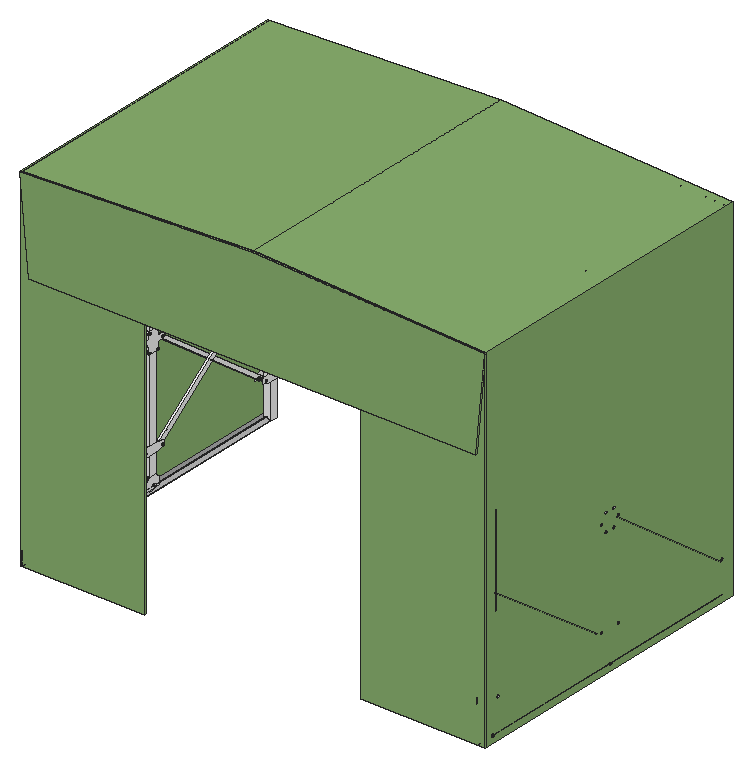
Revit family "Loading Docks_Shelter_Ultigroup_Rollout Container - PVC 3000 mm", category Generic Models, Revit 2020 (continued)
Definition of nested family "Upper Mid Connector"
  Dimensions and locks
    equal spacing: plane 6, plane 1 "Center (Front/Back)", plane 7
    locked: plane 8 to plane 6 at 20
    locked: plane 7 to plane 9 at 20
    locked: plane 11 to plane 10 at 200
    equal spacing: plane 11, plane 12, plane 10
    locked: plane 9 to plane 13 at 45
    locked: plane 14 to plane 8 at 45
    locked: plane 11 to plane 15 at 15
    locked: plane 16 to plane 10 at 15
    equal spacing: plane 8, plane 18, plane 6
    equal spacing: plane 7, plane 17, plane 9
    aligned and locked: level to plane 2
    aligned and locked: plane 8 to Extrusion 1 sketch curve
    aligned and locked: plane 11 to Extrusion 1 sketch curve
    aligned and locked: plane 9 to Extrusion 1 sketch curve
    aligned and locked: plane 10 to Extrusion 1 sketch curve
    aligned and locked: plane 14 to Extrusion 1 sketch curve
    aligned and locked: plane 12 to Extrusion 1 sketch curve
    aligned and locked: plane 8 to Extrusion 2 sketch curve
    aligned and locked: plane 9 to Extrusion 2 sketch curve
    aligned and locked: plane 11 to Extrusion 2 sketch curve
    aligned and locked: plane 10 to Extrusion 2 sketch curve
    aligned and locked: plane 12 to Extrusion 2 sketch curve  (x2)
    aligned and locked: plane 14 to Extrusion 2 sketch curve
    aligned and locked: plane 13 to Extrusion 2 sketch curve
    aligned and locked: plane 15 to Extrusion 3 sketch curve  (x2)
    aligned and locked: plane 18 to Extrusion 3 sketch curve  (x2)
    aligned and locked: plane 17 to Extrusion 3 sketch curve  (x2)
    aligned and locked: plane 12 to Extrusion 3 sketch curve  (x2)
    aligned and locked: plane 14 to Extrusion 3 sketch curve
    aligned and locked: plane 13 to Extrusion 3 sketch curve
    aligned and locked: cut or joined group of Extrusion 1, Extrusion 3 to Extrusion 3
    aligned and locked: Extrusion 2 to Extrusion 3
    aligned and locked: plane 15 to Extrusion 4 sketch curve  (x2)
    aligned and locked: plane 12 to Extrusion 4 sketch curve  (x2)
    aligned and locked: plane 16 to Extrusion 4 sketch curve  (x2)
    aligned and locked: plane 18 to Extrusion 4 sketch curve  (x2)
    aligned and locked: plane 17 to Extrusion 4 sketch curve  (x2)
    aligned and locked: plane 13 to Extrusion 4 sketch curve
    aligned and locked: plane 14 to Extrusion 4 sketch curve
    aligned and locked: plane 15 to Extrusion 5 sketch curve  (x4)
    aligned and locked: plane 12 to Extrusion 5 sketch curve  (x4)
    aligned and locked: plane 16 to Extrusion 5 sketch curve  (x4)
    aligned and locked: plane 18 to Extrusion 5 sketch curve  (x4)
    aligned and locked: plane 17 to Extrusion 5 sketch curve  (x4)
    aligned and locked: plane 13 to Extrusion 5 sketch curve  (x2)
    aligned and locked: plane 14 to Extrusion 5 sketch curve  (x2)
    aligned and locked: plane 5 to Extrusion 5
    aligned and locked: Extrusion 5 to plane 4
    aligned and locked: plane 16 to Extrusion 6 sketch curve  (x2)
    aligned and locked: plane 12 to Extrusion 6 sketch curve  (x2)
    aligned and locked: plane 15 to Extrusion 6 sketch curve  (x2)
    aligned and locked: plane 17 to Extrusion 6 sketch curve  (x2)
    aligned and locked: plane 18 to Extrusion 6 sketch curve  (x2)
    aligned and locked: plane 13 to Extrusion 6 sketch curve
    aligned and locked: plane 14 to Extrusion 6 sketch curve
    aligned and locked: plane 12 to Extrusion 7 sketch curve  (x2)
    aligned and locked: plane 14 to Extrusion 7 sketch curve
    aligned and locked: plane 13 to Extrusion 7 sketch curve
    aligned and locked: plane 17 to Extrusion 7 sketch curve  (x2)
    aligned and locked: plane 18 to Extrusion 7 sketch curve  (x2)
    aligned and locked: plane 16 to Extrusion 7 sketch curve  (x2)
    aligned and locked: plane 15 to Extrusion 7 sketch curve  (x2)
  Automatic sketch dimensions
    Extrusion 2 to Extrusion 3 sketch curve = 15 mm  (x2)
    Extrusion 2 sketch curve to plane 9 = 0 mm
    Extrusion 2 sketch curve to plane 8 = 0 mm
    Extrusion 2 sketch curve to Extrusion 2 sketch curve = 6 mm  (x2)
    Extrusion 2 sketch curve to plane 9 = 6 mm
    Extrusion 2 sketch curve to plane 17 = 4 mm  (x2)
    Extrusion 2 sketch curve to plane 18 = 4 mm  (x2)
    plane 8 to Extrusion 2 sketch curve = 6 mm
    Extrusion 2 sketch curve to plane 12 = 31 mm  (x2)
    Extrusion 1 sketch curve to plane 12 = 0 mm
    Extrusion 1 sketch curve to plane 13 = 0 mm
    Extrusion 1 sketch curve to plane 9 = 0 mm  (x2)
    Extrusion 1 sketch curve to plane 8 = 0 mm
    Extrusion 1 sketch curve to plane 9 = 6 mm  (x2)
    Extrusion 1 sketch curve to plane 17 = 4 mm  (x2)
    Extrusion 1 sketch curve to plane 18 = 4 mm  (x2)
    Extrusion 1 sketch curve to Extrusion 1 sketch curve = 6 mm  (x2)
    Extrusion 1 sketch curve to plane 12 = 31 mm  (x2)
    Extrusion 6 sketch curve to Extrusion 1 = 1 mm
    Extrusion 6 sketch curve to Extrusion 1 = 5.5 mm  (x2)
    Extrusion 6 sketch curve to Extrusion 6 sketch curve = 4.5 mm  (x3)
    Extrusion 6 sketch curve to Extrusion 6 sketch curve = 7.794 mm  (x3)
    Extrusion 6 sketch curve to Extrusion 1 = 7.206 mm
    radius of Extrusion 3 sketch curve = 6 mm  (x6)
    radius of Extrusion 4 sketch curve = 6 mm  (x6)
    radius of Extrusion 5 sketch curve = 6 mm  (x6)
    radius of Extrusion 5 sketch curve = 10 mm  (x6)
    radius of Extrusion 6 sketch curve = 6 mm  (x6)
    radius of Extrusion 7 sketch curve = 6 mm  (x6)
Definition of nested family "Lower Mid Connector"
  Parameters (values of type "Type 1")
    URL = "www.ultigroup.co.nz"
    PVC Roller = none
    Model = "Ulti Expandable Rollout Dock Shelter Lower Mid Connector"
    Manufacturer = "Ulti Group Ltd."
    Description = "Expandable Rollout Dock Shelter Lower Mid Connector"
    Default Elevation = 0 mm
    Bolts = none
    Aluminium = none
  Reference planes
    plane 1 "Center (Front/Back)": y = 0
    plane 2: z = 0
    plane 3 "Center (Left/Right)": x = 0
    plane 4: x = -37.5
    plane 5: x = 37.5
    plane 6: y = 37.5
    plane 7: y = -37.5
    plane 8: y = 57.5
    plane 9: y = -57.5
    plane 10: z = 586.595
    plane 11: y = -102.5
    plane 12: y = 102.5
    plane 13: y = 127.5
    plane 14: y = -127.5
    plane 15: z = 626.595
    plane 16: z = 546.595
  Forms (mm)
    Extrusion 1, solid, material <- "Aluminium"
      sketch origin (37.5, 195.577, 1200) x (0, 1, 0) y (0, 0, 1)
        loop
          line (-139.137, -573.405) -> (-252.018, -573.405)
          arc (-252.018, -573.405) -> (-253.071, -573.46) -> (-254.113, -573.627) r 10
          line (-254.113, -573.627) -> (-315.173, -586.711)
          arc (-315.173, -586.711) -> (-320.854, -590.202) -> (-323.077, -596.489) r 10
          line (-323.077, -596.489) -> (-323.077, -630.321)
          arc (-323.077, -630.321) -> (-320.854, -636.607) -> (-315.173, -640.099) r 10
          line (-315.173, -640.099) -> (-254.113, -653.183)
          arc (-254.113, -653.183) -> (-253.071, -653.349) -> (-252.018, -653.405) r 10
          line (-252.018, -653.405) -> (-139.137, -653.405)
          arc (-139.137, -653.405) -> (-138.083, -653.349) -> (-137.041, -653.183) r 10
          line (-137.041, -653.183) -> (-75.982, -640.099)
          arc (-75.982, -640.099) -> (-70.301, -636.607) -> (-68.077, -630.321) r 10
          line (-68.077, -630.321) -> (-68.077, -596.489)
          arc (-68.077, -596.489) -> (-70.301, -590.202) -> (-75.982, -586.711) r 10
          line (-75.982, -586.711) -> (-137.041, -573.627)
          arc (-137.041, -573.627) -> (-138.083, -573.46) -> (-139.137, -573.405) r 10
        loop
          circle (-298.077, -613.405) r 6
        loop
          circle (-93.077, -613.405) r 6
      from 0 to 3
    Extrusion 2, solid, material <- "Aluminium"
      sketch origin (-37.5, 195.577, 1200) x (0, 1, 0) y (0, 0, 1)
        loop
          line (-68.077, -630.321) -> (-68.077, -596.489)
          arc (-68.077, -596.489) -> (-70.301, -590.202) -> (-75.982, -586.711) r 10
          line (-75.982, -586.711) -> (-137.041, -573.627)
          arc (-137.041, -573.627) -> (-138.083, -573.46) -> (-139.137, -573.405) r 10
          line (-139.137, -573.405) -> (-252.018, -573.405)
          arc (-252.018, -573.405) -> (-253.071, -573.46) -> (-254.113, -573.627) r 10
          line (-254.113, -573.627) -> (-315.173, -586.711)
          arc (-315.173, -586.711) -> (-320.854, -590.202) -> (-323.077, -596.489) r 10
          line (-323.077, -596.489) -> (-323.077, -630.321)
          arc (-323.077, -630.321) -> (-320.854, -636.607) -> (-315.173, -640.099) r 10
          line (-315.173, -640.099) -> (-254.113, -653.183)
          arc (-254.113, -653.183) -> (-253.071, -653.349) -> (-252.018, -653.405) r 10
          line (-252.018, -653.405) -> (-139.137, -653.405)
          arc (-139.137, -653.405) -> (-138.083, -653.349) -> (-137.041, -653.183) r 10
          line (-137.041, -653.183) -> (-75.982, -640.099)
          arc (-75.982, -640.099) -> (-70.301, -636.607) -> (-68.077, -630.321) r 10
        loop
          circle (-298.077, -613.405) r 6
        loop
          circle (-93.077, -613.405) r 6
      from -3 to 0
    Extrusion 3, void
      sketch origin (-40.5, 195.577, 1200) x (0, 1, 0) y (0, 0, 1)
        loop
          circle (-298.077, -613.405) r 6
        loop
          circle (-93.077, -613.405) r 6
      from 0 to 81
    Extrusion 4, solid, material <- "Bolts"
      sketch origin (0, 0, 0) x (0, 1, 0) y (0, 0, 1)
        loop
          circle (102.5, 586.595) r 6
        loop
          circle (-102.5, 586.595) r 6
      from -52 to 52
    Extrusion 5, solid, material <- "PVC Roller"
      sketch origin (-37.5, 195.577, 1200) x (0, 1, 0) y (0, 0, 1)
        loop
          circle (-93.077, -613.405) r 6
        loop
          circle (-298.077, -613.405) r 6
        loop
          circle (-298.077, -613.405) r 10
        loop
          circle (-93.077, -613.405) r 10
      from 0 to 75
    Extrusion 6, solid, material <- "Bolts"
      sketch origin (40.5, 195.577, 1200) x (0, 1, 0) y (0, 0, 1)
        loop
          circle (-93.077, -613.405) r 6
        loop
          circle (-298.077, -613.405) r 6
        loop
          line (-307.077, -613.405) -> (-302.577, -621.199) -> (-293.577, -621.199) -> (-289.077, -613.405) -> (-293.577, -605.611) -> (-302.577, -605.611) -> (-307.077, -613.405)
        loop
          line (-102.077, -613.405) -> (-97.577, -621.199) -> (-88.577, -621.199) -> (-84.077, -613.405) -> (-88.577, -605.611) -> (-97.577, -605.611) -> (-102.077, -613.405)
      from 0 to 10
    Extrusion 7, solid, material <- "Bolts"
      sketch origin (-40.5, 195.577, 1200) x (0, -1, 0) y (0, 0, 1)
        loop
          circle (93.077, -613.405) r 6
        loop
          circle (298.077, -613.405) r 6
        loop
          line (307.077, -613.405) -> (302.577, -605.611) -> (293.577, -605.611) -> (289.077, -613.405) -> (293.577, -621.199) -> (302.577, -621.199) -> (307.077, -613.405)
        loop
          line (102.077, -613.405) -> (97.577, -605.611) -> (88.577, -605.611) -> (84.077, -613.405) -> (88.577, -621.199) -> (97.577, -621.199) -> (102.077, -613.405)
      from 0 to 10
  Cuts and joins
    Extrusion 3 cuts Extrusion 2
    Extrusion 3 cuts Extrusion 1
  Dimensions and locks
    locked: plane 4 to plane 5 at 75
    equal spacing: plane 4, plane 3 "Center (Left/Right)", plane 5
    locked: plane 6 to plane 7 at 75
    equal spacing: plane 6, plane 1 "Center (Front/Back)", plane 7
    locked: plane 8 to plane 6 at 20
    locked: plane 7 to plane 9 at 20
    locked: plane 9 to plane 11 at 45
    locked: plane 12 to plane 8 at 45
    locked: plane 13 to plane 12 at 25
    locked: plane 11 to plane 14 at 25
    locked: plane 15 to plane 16 at 80
    equal spacing: plane 15, plane 10, plane 16
    aligned and locked: level to plane 2
    aligned and locked: plane 10 to Extrusion 3 sketch curve  (x2)
    aligned and locked: plane 12 to Extrusion 3 sketch curve
    aligned and locked: plane 11 to Extrusion 3 sketch curve
    aligned and locked: cut or joined group of Extrusion 1, Extrusion 3 to Extrusion 3
    aligned and locked: Extrusion 2 to Extrusion 3
    aligned and locked: plane 10 to Extrusion 4 sketch curve  (x2)
    aligned and locked: plane 11 to Extrusion 4 sketch curve
    aligned and locked: plane 12 to Extrusion 4 sketch curve
    aligned and locked: plane 10 to Extrusion 5 sketch curve  (x4)
    aligned and locked: plane 11 to Extrusion 5 sketch curve  (x2)
    aligned and locked: plane 12 to Extrusion 5 sketch curve  (x2)
    aligned and locked: plane 5 to Extrusion 5
    aligned and locked: Extrusion 5 to plane 4
    aligned and locked: plane 10 to Extrusion 6 sketch curve  (x2)
    aligned and locked: plane 11 to Extrusion 6 sketch curve
    aligned and locked: plane 12 to Extrusion 6 sketch curve
    aligned and locked: plane 10 to Extrusion 7 sketch curve  (x2)
    aligned and locked: plane 12 to Extrusion 7 sketch curve
    aligned and locked: plane 11 to Extrusion 7 sketch curve
    aligned and locked: plane 13 to Extrusion 2 sketch curve
    aligned and locked: plane 15 to Extrusion 2 sketch curve
    aligned and locked: plane 14 to Extrusion 2 sketch curve
    aligned and locked: plane 16 to Extrusion 2 sketch curve
    aligned and locked: plane 10 to Extrusion 2 sketch curve  (x2)
    aligned and locked: plane 11 to Extrusion 2 sketch curve
    aligned and locked: plane 12 to Extrusion 2 sketch curve
    aligned and locked: plane 15 to Extrusion 1 sketch curve
    aligned and locked: plane 13 to Extrusion 1 sketch curve
    aligned and locked: plane 14 to Extrusion 1 sketch curve
    aligned and locked: plane 16 to Extrusion 1 sketch curve
    aligned and locked: plane 10 to Extrusion 1 sketch curve  (x2)
    aligned and locked: plane 11 to Extrusion 1 sketch curve
    aligned and locked: plane 12 to Extrusion 1 sketch curve
  Automatic sketch dimensions
    Extrusion 6 sketch curve to Extrusion 6 sketch curve = 4.5 mm  (x7)
    Extrusion 6 sketch curve to Extrusion 6 sketch curve = 9 mm  (x5)
    Extrusion 6 sketch curve to Extrusion 6 sketch curve = 7.794 mm  (x4)
    Extrusion 7 sketch curve to Extrusion 7 sketch curve = 4.5 mm  (x9)
    Extrusion 7 sketch curve to Extrusion 7 sketch curve = 9 mm  (x3)
    Extrusion 7 sketch curve to Extrusion 7 sketch curve = 7.794 mm  (x6)
    plane 14 to Extrusion 2 sketch curve = 7.905 mm  (x2)
    Extrusion 2 sketch curve to Extrusion 2 sketch curve = 2.095 mm  (x3)
    plane 14 to Extrusion 2 sketch curve = 10 mm
    Extrusion 2 sketch curve to plane 15 = 0.222 mm  (x2)
    Extrusion 2 sketch curve to plane 9 = 1.036 mm  (x2)
    plane 16 to Extrusion 2 sketch curve = 0.222 mm  (x2)
    plane 9 to Extrusion 2 sketch curve = 1.059 mm  (x2)
    Extrusion 2 sketch curve to plane 8 = 1.059 mm  (x2)
    Extrusion 2 sketch curve to Extrusion 2 sketch curve = 10 mm  (x2)
    Extrusion 2 sketch curve to plane 13 = 7.905 mm  (x2)
    plane 16 to Extrusion 2 sketch curve = 13.306 mm  (x2)
    plane 10 to Extrusion 2 sketch curve = 16.916 mm  (x2)
    Extrusion 7 sketch curve to Extrusion 7 sketch curve = 0 mm  (x2)
    plane 14 to Extrusion 1 sketch curve = 7.905 mm  (x2)
    Extrusion 1 sketch curve to Extrusion 1 sketch curve = 10 mm  (x2)
    plane 16 to Extrusion 1 sketch curve = 0.222 mm  (x2)
    Extrusion 1 sketch curve to plane 9 = 1.036 mm  (x2)
    Extrusion 1 sketch curve to plane 15 = 0.222 mm  (x2)
    plane 9 to Extrusion 1 sketch curve = 1.059 mm  (x2)
    Extrusion 1 sketch curve to plane 8 = 1.059 mm  (x2)
    Extrusion 1 sketch curve to Extrusion 1 sketch curve = 2.095 mm  (x2)
    Extrusion 1 sketch curve to plane 13 = 10 mm  (x2)
    Extrusion 1 sketch curve to plane 13 = 7.905 mm  (x2)
    plane 16 to Extrusion 1 sketch curve = 13.306 mm  (x2)
    plane 10 to Extrusion 1 sketch curve = 16.916 mm  (x2)
    Extrusion 6 sketch curve to Extrusion 6 sketch curve = 0 mm  (x4)
    radius of Extrusion 3 sketch curve = 6 mm  (x2)
    radius of Extrusion 4 sketch curve = 6 mm  (x2)
    radius of Extrusion 5 sketch curve = 6 mm  (x2)
    radius of Extrusion 5 sketch curve = 10 mm  (x2)
    radius of Extrusion 6 sketch curve = 6 mm  (x2)
    radius of Extrusion 7 sketch curve = 6 mm  (x2)
    radius of Extrusion 2 sketch curve = 6 mm  (x2)
    radius of Extrusion 1 sketch curve = 6 mm  (x2)
Definition of nested family "Lower End Connector"
  Parameters (values of type "Type 1")
    URL = "www.ultigroup.co.nz"
    PVC Roller = none
    Model = "Ulti Expandable Rollout Dock Shelter Lower End Connector"
    Manufacturer = "Ulti Group Ltd."
    Description = "Expandable Rollout Dock Shelter Lower End Connector"
    Default Elevation = 0 mm
    Bolts = none
    Aluminium = none
  Reference planes
    plane 1 "Center (Front/Back)": y = 0
    plane 2: z = 0
    plane 3 "Center (Left/Right)": x = 0
    plane 4: x = -37.5
    plane 5: x = 37.5
    plane 6: y = 37.5
    plane 7: y = -37.5
    plane 8: y = -57.5
    plane 9: z = 586.595
    plane 10: y = -102.5
    plane 11: y = -127.5
    plane 12: z = 626.595
    plane 13: z = 546.595
  Forms (mm)
    Extrusion 1, solid, material <- "Aluminium"
      sketch origin (37.5, 195.577, 1200) x (0, 1, 0) y (0, 0, 1)
        loop
          line (-168.077, -573.405) -> (-252.018, -573.405)
          arc (-252.018, -573.405) -> (-253.071, -573.46) -> (-254.113, -573.627) r 10
          line (-254.113, -573.627) -> (-315.173, -586.711)
          arc (-315.173, -586.711) -> (-320.854, -590.202) -> (-323.077, -596.489) r 10
          line (-323.077, -596.489) -> (-323.077, -630.321)
          arc (-323.077, -630.321) -> (-320.854, -636.607) -> (-315.173, -640.099) r 10
          line (-315.173, -640.099) -> (-254.113, -653.183)
          arc (-254.113, -653.183) -> (-253.071, -653.349) -> (-252.018, -653.405) r 10
          line (-252.018, -653.405) -> (-168.077, -653.405)
          arc (-168.077, -653.405) -> (-161.006, -650.476) -> (-158.077, -643.405) r 10
          line (-158.077, -643.405) -> (-158.077, -583.405)
          arc (-158.077, -583.405) -> (-161.006, -576.334) -> (-168.077, -573.405) r 10
        loop
          circle (-298.077, -613.405) r 6
      from 0 to 3
    Extrusion 2, solid, material <- "Aluminium"
      sketch origin (-37.5, 195.577, 1200) x (0, 1, 0) y (0, 0, 1)
        loop
          line (-168.077, -573.405) -> (-252.018, -573.405)
          arc (-252.018, -573.405) -> (-253.071, -573.46) -> (-254.113, -573.627) r 10
          line (-254.113, -573.627) -> (-315.173, -586.711)
          arc (-315.173, -586.711) -> (-320.854, -590.202) -> (-323.077, -596.489) r 10
          line (-323.077, -596.489) -> (-323.077, -630.321)
          arc (-323.077, -630.321) -> (-320.854, -636.607) -> (-315.173, -640.099) r 10
          line (-315.173, -640.099) -> (-254.113, -653.183)
          arc (-254.113, -653.183) -> (-253.071, -653.349) -> (-252.018, -653.405) r 10
          line (-252.018, -653.405) -> (-168.077, -653.405)
          arc (-168.077, -653.405) -> (-161.006, -650.476) -> (-158.077, -643.405) r 10
          line (-158.077, -643.405) -> (-158.077, -583.405)
          arc (-158.077, -583.405) -> (-161.006, -576.334) -> (-168.077, -573.405) r 10
        loop
          circle (-298.077, -613.405) r 6
      from -3 to 0
    Extrusion 3, void
      sketch origin (-40.5, 195.577, 1200) x (0, 1, 0) y (0, 0, 1)
        loop
          circle (-298.077, -613.405) r 6
      from 0 to 81
    Extrusion 4, solid, material <- "Bolts"
      sketch origin (0, 0, 0) x (0, 1, 0) y (0, 0, 1)
        loop
          circle (-102.5, 586.595) r 6
      from -52 to 52
    Extrusion 5, solid, material <- "PVC Roller"
      sketch origin (-37.5, 195.577, 1200) x (0, 1, 0) y (0, 0, 1)
        loop
          circle (-298.077, -613.405) r 6
        loop
          circle (-298.077, -613.405) r 10
      from 0 to 75
    Extrusion 6, solid, material <- "Bolts"
      sketch origin (40.5, 195.577, 1200) x (0, 1, 0) y (0, 0, 1)
        loop
          circle (-298.077, -613.405) r 6
        loop
          line (-307.077, -613.405) -> (-302.577, -621.199) -> (-293.577, -621.199) -> (-289.077, -613.405) -> (-293.577, -605.611) -> (-302.577, -605.611) -> (-307.077, -613.405)
      from 0 to 10
    Extrusion 7, solid, material <- "Bolts"
      sketch origin (-40.5, 195.577, 1200) x (0, -1, 0) y (0, 0, 1)
        loop
          circle (298.077, -613.405) r 6
        loop
          line (307.077, -613.405) -> (302.577, -605.611) -> (293.577, -605.611) -> (289.077, -613.405) -> (293.577, -621.199) -> (302.577, -621.199) -> (307.077, -613.405)
      from 0 to 10
  Cuts and joins
    Extrusion 3 cuts Extrusion 2
    Extrusion 3 cuts Extrusion 1
  Dimensions and locks
    locked: plane 4 to plane 5 at 75
    equal spacing: plane 4, plane 3 "Center (Left/Right)", plane 5
    locked: plane 6 to plane 7 at 75
    equal spacing: plane 6, plane 1 "Center (Front/Back)", plane 7
    locked: plane 7 to plane 8 at 20
    locked: plane 8 to plane 10 at 45
    locked: plane 10 to plane 11 at 25
    locked: plane 12 to plane 13 at 80
    equal spacing: plane 12, plane 9, plane 13
    aligned and locked: level to plane 2
    aligned and locked: plane 9 to Extrusion 3 sketch curve
    aligned and locked: plane 10 to Extrusion 3 sketch curve
    aligned and locked: cut or joined group of Extrusion 1, Extrusion 3 to Extrusion 3
    aligned and locked: Extrusion 2 to Extrusion 3
    aligned and locked: plane 9 to Extrusion 4 sketch curve
    aligned and locked: plane 10 to Extrusion 4 sketch curve
    aligned and locked: plane 9 to Extrusion 5 sketch curve  (x2)
    aligned and locked: plane 10 to Extrusion 5 sketch curve  (x2)
    aligned and locked: plane 5 to Extrusion 5
    aligned and locked: Extrusion 5 to plane 4
    aligned and locked: plane 9 to Extrusion 6 sketch curve
    aligned and locked: plane 10 to Extrusion 6 sketch curve
    aligned and locked: plane 9 to Extrusion 7 sketch curve
    aligned and locked: plane 10 to Extrusion 7 sketch curve
    aligned and locked: plane 12 to Extrusion 2 sketch curve
    aligned and locked: plane 11 to Extrusion 2 sketch curve
    aligned and locked: plane 13 to Extrusion 2 sketch curve
    aligned and locked: plane 9 to Extrusion 2 sketch curve
    aligned and locked: plane 10 to Extrusion 2 sketch curve
    aligned and locked: plane 12 to Extrusion 1 sketch curve
    aligned and locked: plane 11 to Extrusion 1 sketch curve
    aligned and locked: plane 13 to Extrusion 1 sketch curve
    aligned and locked: plane 9 to Extrusion 1 sketch curve
    aligned and locked: plane 10 to Extrusion 1 sketch curve
    aligned and locked: plane 6 to Extrusion 2 sketch curve
    aligned and locked: plane 6 to Extrusion 1 sketch curve
  Automatic sketch dimensions
    Extrusion 6 sketch curve to Extrusion 6 sketch curve = 4.5 mm  (x3)
    Extrusion 6 sketch curve to Extrusion 6 sketch curve = 9 mm  (x3)
    Extrusion 6 sketch curve to Extrusion 6 sketch curve = 7.794 mm  (x2)
    Extrusion 7 sketch curve to Extrusion 7 sketch curve = 9 mm  (x2)
    Extrusion 7 sketch curve to Extrusion 7 sketch curve = 4.5 mm  (x4)
    Extrusion 7 sketch curve to Extrusion 7 sketch curve = 7.794 mm  (x2)
    Extrusion 7 sketch curve to Extrusion 7 sketch curve = 0 mm  (x2)
    Extrusion 6 sketch curve to Extrusion 6 sketch curve = 0 mm  (x2)
    plane 11 to Extrusion 2 sketch curve = 7.905 mm  (x2)
    Extrusion 2 sketch curve to Extrusion 2 sketch curve = 2.095 mm  (x3)
    plane 11 to Extrusion 2 sketch curve = 10 mm
    Extrusion 2 sketch curve to plane 12 = 0.222 mm
    Extrusion 2 sketch curve to plane 8 = 1.036 mm  (x2)
    plane 13 to Extrusion 2 sketch curve = 0.222 mm
    Extrusion 2 sketch curve to plane 6 = 10 mm  (x2)
    plane 13 to Extrusion 2 sketch curve = 13.306 mm
    plane 9 to Extrusion 2 sketch curve = 16.916 mm
    plane 11 to Extrusion 1 sketch curve = 7.905 mm  (x2)
    Extrusion 1 sketch curve to Extrusion 1 sketch curve = 2.095 mm  (x3)
    plane 13 to Extrusion 1 sketch curve = 0.222 mm
    Extrusion 1 sketch curve to plane 8 = 1.036 mm  (x2)
    Extrusion 1 sketch curve to plane 12 = 0.222 mm
    plane 8 to Extrusion 1 sketch curve = 1.059 mm
    Extrusion 1 sketch curve to plane 6 = 10 mm  (x2)
    plane 13 to Extrusion 1 sketch curve = 13.306 mm
    plane 9 to Extrusion 1 sketch curve = 16.916 mm
    radius of Extrusion 3 sketch curve = 6 mm
    radius of Extrusion 4 sketch curve = 6 mm
    radius of Extrusion 5 sketch curve = 6 mm
    radius of Extrusion 5 sketch curve = 10 mm
    radius of Extrusion 6 sketch curve = 6 mm
    radius of Extrusion 7 sketch curve = 6 mm
    radius of Extrusion 2 sketch curve = 6 mm
    radius of Extrusion 1 sketch curve = 6 mm
Definition of nested family "Connector Roller Guide"
  Parameters (values of type "Type 1")
    URL = "www.ultigroup.co.nz"
    Roller Guide Material = none
    Model = "Ulti Expandable Rollout Dock Shelter Connector Roller Guide"
    Manufacturer = "Ulti Group Ltd."
    Description = "Expandable Rollout Dock Shelter Connector Roller Guide"
    Default Elevation = 1219.2 mm
  Reference planes
    plane 1 "Center (Front/Back)": y = 0
    plane 2: z = 0
    plane 3 "Center (Left/Right)": x = 0
    plane 4: y = -1000
    plane 5: x = 35
    plane 6: z = 3
    plane 7: z = 66
    plane 8: z = 63
    plane 9: x = 3
  Forms (mm)
    Extrusion 1, solid
      sketch origin (0, 0, 0) x (1, 0, 0) y (0, 1, 0)
        loop
          line (-1219.2, 1219.2) -> (-1219.2, -1219.2) -> (1219.2, -1219.2) -> (1219.2, 1219.2) -> (-1219.2, 1219.2)
      from 0 to -304.8
    Extrusion 2, solid, material <- "Roller Guide Material"
      sketch origin (-103.062, -1000, 1219.2) x (-1, 0, 0) y (0, 0, 1)
        loop
          line (-103.062, -1219.2) -> (-103.062, -1160.7)
          arc (-103.062, -1160.7) -> (-105.259, -1155.397) -> (-110.562, -1153.2) r 7.5
          line (-110.562, -1153.2) -> (-130.562, -1153.2)
          arc (-130.562, -1153.2) -> (-135.866, -1155.397) -> (-138.062, -1160.7) r 7.5
          line (-138.062, -1160.7) -> (-138.062, -1173.2) -> (-135.062, -1173.2) -> (-135.062, -1160.7)
          arc (-135.062, -1160.7) -> (-133.744, -1157.518) -> (-130.562, -1156.2) r 4.5
          line (-130.562, -1156.2) -> (-110.562, -1156.2)
          arc (-110.562, -1156.2) -> (-107.38, -1157.518) -> (-106.062, -1160.7) r 4.5
          line (-106.062, -1160.7) -> (-106.062, -1216.2) -> (-138.062, -1216.2) -> (-138.062, -1219.2) -> (-103.062, -1219.2)
      from 0 to 1000
    Extrusion 3, void
      sketch origin (0, 0, 0) x (0, -1, 0) y (0, 0, 1)
        loop
          line (0, 0) -> (66, 66) -> (0, 66) -> (0, 0)
      from 0 to -35
  Cuts and joins
    Extrusion 3 cuts Extrusion 2
  Dimensions and locks
    locked: plane 1 "Center (Front/Back)" to plane 4 at 1000
    locked: plane 3 "Center (Left/Right)" to plane 5 at 35
    locked: plane 6 to plane 2 at 3
    locked: plane 7 to plane 2 at 66
    locked: plane 7 to plane 8 at 3
    locked: plane 3 "Center (Left/Right)" to plane 9 at 3
    aligned and locked: plane 2 to Extrusion 1
    aligned and locked: level to Extrusion 1
    aligned and locked: plane 2 to Extrusion 2 sketch curve
    aligned and locked: plane 6 to Extrusion 2 sketch curve
    aligned and locked: plane 5 to Extrusion 2 sketch curve
    aligned and locked: plane 3 "Center (Left/Right)" to Extrusion 2 sketch curve
    aligned and locked: plane 9 to Extrusion 2 sketch curve
    aligned and locked: plane 7 to Extrusion 2 sketch curve
    aligned and locked: plane 8 to Extrusion 2 sketch curve
    aligned and locked: Extrusion 2 to plane 1 "Center (Front/Back)"
    aligned and locked: plane 1 "Center (Front/Back)" to Extrusion 3 sketch curve
    aligned and locked: plane 7 to Extrusion 3 sketch curve
    aligned and locked: Extrusion 3 to plane 5
    aligned and locked: Extrusion 3 to plane 3 "Center (Left/Right)"
Definition of nested family "Connector Rollers"
  Parameters (values of type "Type 1")
    URL = "www.ultigroup.co.nz"
    PVC Roller = none
    Model = "Ulti Expandable Rollout Dock Shelter Connector Roller"
    Manufacturer = "Ulti Group Ltd."
    Description = "Expandable Rollout Dock Shelter Connector Roller"
    Default Elevation = 0 mm
    Bolts = none
  Reference planes
    plane 1 "Center (Front/Back)": y = 0
    plane 2: z = 0
    plane 3 "Center (Left/Right)": x = 0
    plane 4: x = 8
    plane 5: x = -20
    plane 6: x = -40
    plane 7: x = -30
    plane 8: x = -50
    plane 9: x = 23
    plane 10: x = 31
    plane 11: x = 36
    plane 12: z = 600
  Forms (mm)
    Extrusion 1, solid, material <- "PVC Roller"
      sketch origin (-50, 157.167, 1200) x (0, 1, 0) y (0, 0, 1)
        loop
          circle (-157.167, -600) r 30
      from 0 to 20
    Extrusion 2, solid, material <- "Bolts"
      sketch origin (-30, 157.167, 1200) x (0, 1, 0) y (0, 0, 1)
        loop
          circle (-157.167, -600) r 5
      from 0 to 66
    Extrusion 3, solid, material <- "Bolts"
      sketch origin (0, 0, 0) x (0, 1, 0) y (0, 0, 1)
        loop
          circle (0, 600) r 5
        loop
          line (8, 600) -> (4, 606.928) -> (-4, 606.928) -> (-8, 600) -> (-4, 593.072) -> (4, 593.072) -> (8, 600)
      from 0 to 8
    Extrusion 4, solid, material <- "Bolts"
      sketch origin (23, 157.167, 1200) x (0, 1, 0) y (0, 0, 1)
        loop
          circle (-157.167, -600) r 5
        loop
          line (-149.167, -600) -> (-153.167, -593.072) -> (-161.167, -593.072) -> (-165.167, -600) -> (-161.167, -606.928) -> (-153.167, -606.928) -> (-149.167, -600)
      from 0 to 8
  Dimensions and locks
    locked: plane 5 to plane 3 "Center (Left/Right)" at 20
    locked: plane 6 to plane 5 at 20
    locked: plane 8 to plane 7 at 20
    equal spacing: plane 8, plane 6, plane 7
    locked: plane 3 "Center (Left/Right)" to plane 4 at 8
    locked: plane 4 to plane 9 at 15
    locked: plane 9 to plane 10 at 8
    locked: plane 10 to plane 11 at 5
    plane 12 to level = 600 mm
    aligned and locked: level to plane 2
    aligned and locked: plane 12 to Extrusion 1 sketch curve
    aligned and locked: plane 1 "Center (Front/Back)" to Extrusion 1 sketch curve
    aligned and locked: plane 7 to Extrusion 1
    aligned and locked: Extrusion 1 to plane 8
    aligned and locked: plane 12 to Extrusion 2 sketch curve
    aligned and locked: plane 1 "Center (Front/Back)" to Extrusion 2 sketch curve
    aligned and locked: plane 11 to Extrusion 2
    aligned and locked: plane 12 to Extrusion 3 sketch curve
    aligned and locked: plane 1 "Center (Front/Back)" to Extrusion 3 sketch curve
    aligned and locked: plane 4 to Extrusion 3
    aligned and locked: Extrusion 3 to plane 3 "Center (Left/Right)"
    aligned and locked: plane 12 to Extrusion 4 sketch curve
    aligned and locked: plane 1 "Center (Front/Back)" to Extrusion 4 sketch curve
    aligned and locked: plane 10 to Extrusion 4
    aligned and locked: Extrusion 4 to plane 9
  Automatic sketch dimensions
    radius of Extrusion 1 sketch curve = 30 mm
    radius of Extrusion 2 sketch curve = 5 mm
    radius of Extrusion 3 sketch curve = 5 mm
    radius of Extrusion 4 sketch curve = 5 mm
Types (2, lengths in mm): name | Side Flaps Wdth | Shelter Top Flap | Dock Shelter Overall Width | Dock Shelter Overall Depth
  Type 1 | 1200 | 1000 | 4500 | 3000
  Type 2 | 575 | 945 | 3500 | 650
